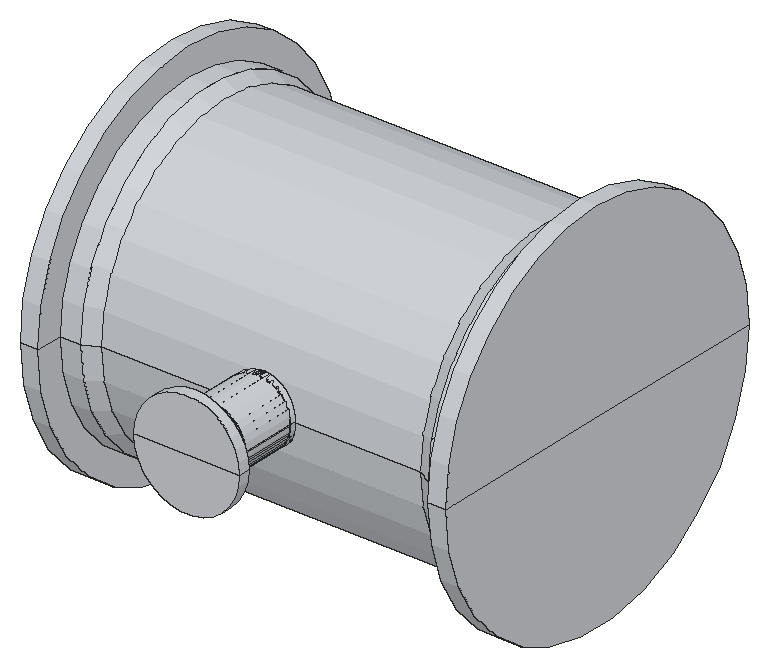
Revit family "4be1dd9a654249799981cef4a75cee6f", category Pipe Fittings, Revit 2021
Family settings
  Round Connector Dimension = Use Radius
  Part Type = Tee
  OmniClass Number = 23.60.30.11.14
  OmniClass Title = Pipework Fittings
  Seek Item ID = Tee - PVC - Sch 40-0000-USA-ENU
  Work Plane-Based = No
  Always vertical = Yes
  Cut with Voids When Loaded = No
  Shared = No
Parameters (values of type "Standard")
  Visibility 1 [instance] = Angle = 90.00°  # yes
  Tick Size 2 [instance] = Fitting Outside Diameter 2 * 0.4  # 2.7760"
  Tick Size 1 [instance] = Fitting Outside Diameter 1 * 0.4  # 12.8000"
  Socket Outside Radius 2 [instance] = Socket Outside Diameter 2 / 2  # 3.8050"
  Socket Outside Radius 1 [instance] = Socket Outside Diameter 1 / 2  # 16.7500"
  Socket Outside Diameter 1 [instance] = size_lookup(Lookup Table Name, "SOD", 1.08 * Nominal Diameter 1 + 1.1300", Nominal Diameter 1)  # 33.5000"
  Socket Outside Diameter 2 [instance] = size_lookup(Lookup Table Name, "SOD", 1.08 * Nominal Diameter 2 + 1.1300", Nominal Diameter 2)  # 7.6100"
  Socket Depth 2 [instance] = if(Nominal Diameter 2 < 14.0000", 2.5000", if(Nominal Diameter 2 < 30.0000", 3.5000", 4.0000"))  # 2.5000"
  Socket Depth 1 [instance] = if(Nominal Diameter 1 < 14.0000", 2.5000", if(Nominal Diameter 1 < 30.0000", 3.5000", 4.0000"))  # 4.0000"
  Nominal Radius 2 [instance] = 3.0000"
  Nominal Diameter 2 [instance] = Nominal Radius 2 * 2  # 6.0000"
  Lookup Table Name = "Tee Reducing - MJ - DI - Class 250"
  Length 1 [instance] = Socket Depth 2 + Bevel Length 2  # 3.1700"
  Fitting Outside Radius 2 [instance] = Fitting Outside Diameter 2 / 2  # 3.4700"
  Fitting Outside Radius 1 [instance] = Fitting Outside Diameter 1 / 2  # 16.0000"
  Fitting Outside Diameter 2 [instance] = size_lookup(Lookup Table Name, "FOD", 1.04 * Nominal Diameter 2 + 0.7000", Nominal Diameter 2)  # 6.9400"
  Fitting Outside Diameter 1 [instance] = size_lookup(Lookup Table Name, "FOD", 1.04 * Nominal Diameter 1 + 0.7000", Nominal Diameter 1)  # 32.0000"
  Nominal Radius 1 [instance] = 15.0000"
  Nominal Diameter 1 [instance] = Nominal Radius 1 * 2  # 30.0000"
  Loss Method = K Coefficient from Table
  K Coefficient Table = "Tee"
  Default Elevation = 0.0000"
  Bevel Length 2 [instance] = size_lookup(Lookup Table Name, "BvLgt", 0.04 * Nominal Diameter 2 + 0.4300", Nominal Diameter 2)  # 0.6700"
  Bevel Length 1 [instance] = size_lookup(Lookup Table Name, "BvLgt", 0.04 * Nominal Diameter 1 + 0.4300", Nominal Diameter 1)  # 1.5000"
  Center to Socket Bottom 2 [instance] = size_lookup(Lookup Table Name, "CtSB2", 4.9600" + 0.58 * Nominal Diameter 1 + 0.05 * Nominal Diameter 2, Nominal Diameter 1, Nominal Diameter 2)  # 23.0000"
  Center to Socket Bottom 1 [instance] = size_lookup(Lookup Table Name, "CtSB1", 4.6500" + 0.32 * Nominal Diameter 1 + 0.32 * Nominal Diameter 2, Nominal Diameter 1, Nominal Diameter 2)  # 18.0000"
  Center to End 2 [instance] = Center to Socket Bottom 2 + Socket Depth 2  # 25.5000"
  Center to End 2 Label [instance] = if((Center to End 2 - Gland Width 2) * tan(Angle 1 / 2) > Gland Outside Radius 1, Center to End 2, Gland Outside Radius 1 / tan(Angle 1 / 2) + Gland Width 2)  # 25.5000"
  Center to End 1 Label [instance] = if((Center to End 2 - Gland Width 2) * tan(Angle 1 / 2) > Gland Outside Radius 1, Center to End 1, Gland Outside Radius 1 / tan(Angle 1 / 2) + Gland Width 2)  # 22.0000"
  Center to End 1 [instance] = Center to Socket Bottom 1 + Socket Depth 1  # 22.0000"
  Center Radius Label [instance] = if(Center to Socket Bottom 2 - Center Radius - Bevel Length 2 < 0.5000", Center to Socket Bottom 2 - Bevel Length 2 - 0.5000", Center Radius)  # 16.5000"
  Center Radius [instance] = size_lookup(Lookup Table Name, "CRad", 4.4800" + 0.3 * Nominal Diameter 1 + 0.33 * Nominal Diameter 2, Nominal Diameter 1, Nominal Diameter 2)  # 16.5000"
  Gland Width 2 [instance] = size_lookup(Lookup Table Name, "GWid", 0.03 * Nominal Diameter 2 + 0.9400", Nominal Diameter 2)  # 1.1200"
  Gland Width 1 [instance] = size_lookup(Lookup Table Name, "GWid", 0.03 * Nominal Diameter 1 + 0.9400", Nominal Diameter 1)  # 1.8100"
  Gland Outside Radius 2 [instance] = Gland Outside Diameter 2 / 2  # 5.4950"
  Gland Outside Radius 1 [instance] = Gland Outside Diameter 1 / 2  # 19.5600"
  Gland Outside Diameter 2 [instance] = size_lookup(Lookup Table Name, "GOD", 1.16 * Nominal Diameter 2 + 4.0300", Nominal Diameter 2)  # 10.9900"
  Gland Outside Diameter 1 [instance] = size_lookup(Lookup Table Name, "GOD", 1.16 * Nominal Diameter 1 + 4.0300", Nominal Diameter 1)  # 39.1200"
  Angle 1 [instance] = if(Angle > 90.00°, 180.00° - Angle, Angle)  # 90.00°
  Angle [instance] = 90.00°
Reference planes (in)
  plane 1 "Center (Front/Back)": y = 0
  plane 2: z = 0
  plane 3 "Center (Left/Right)": x = 0
  plane 4: y = -23
  plane 5: y = 19.56
  plane 6: y = 16.75
  plane 7: y = 16
  plane 8: x = -22
  plane 9: x = -20.19
  plane 10: x = -16.5
  plane 11: x = -18
  plane 12: x = 22
  plane 13: x = 20.19
  plane 14: x = 16.5
  plane 15: x = 18
  plane 16: y = -22.33
  plane 17: y = -16.5
  plane 18: x = -16.5
  plane 19: x = 16.5
  plane 20: z = 3.47
  plane 21: z = -3.47
  plane 22: y = 12.8
  plane 23: y = -12.8
Forms (in)
  Revolve 1, solid, detail levels fine
    sketch origin (0, 0, 0) x (1, 0, 0) y (0, 1, 0)
      loop
        line (-22, 0) -> (22, 0) -> (22, 19.56) -> (20.19, 19.56) -> (20.19, 16.75) -> (18, 16.75) -> (16.5, 16) -> (-16.5, 16) -> (-18, 16.75) -> (-20.19, 16.75) -> (-20.19, 19.56) -> (-22, 19.56) -> (-22, 0)
      axis (-22, 0) -> (22, 0)
    angle from 0 to 360
  Sweep 2, solid, visible <- "Visibility 1", detail levels fine
    path origin (0, 0, 0) x (1, 0, 0) y (0, 1, 0)
      loop
        arc (-16.5, 0) -> (-4.83274, -4.83274) -> (0, -16.5) r 16.5
        line (0, -16.5) -> (0, -22.33)
    profile origin (0, -16.5, 0) x (1, 0, 0) y (0, 0, 1)
      loop
        circle (0, 0) r 3.47
  Sweep 3, solid, visible <- "Visibility 1", detail levels fine
    path origin (0, 0, 0) x (-1, 0, 0) y (0, 1, 0)
      loop
        arc (-16.5, 0) -> (-4.83274, -4.83274) -> (0, -16.5) r 16.5
        line (0, -16.5) -> (0, -22.33)
    profile origin (0, -16.5, 0) x (1, 0, 0) y (0, 0, 1)
      loop
        circle (0, 0) r 3.47
  Extrusion 4, solid, visible <- "Visibility 1", detail levels fine
    sketch origin (0, 0, 0) x (1, 0, 0) y (0, 1, 0)
      loop
        arc (-16.5, 0) -> (-4.83274, -4.83274) -> (0, -16.5) r 16.5
        arc (0, -16.5) -> (4.83274, -4.83274) -> (16.5, 0) r 16.5
        line (16.5, 0) -> (-16.5, 0)
    from -3.47 to 3.47
  Revolve 5, solid, detail levels fine
    sketch origin (0, 0, 0) x (0, -1, 0) y (1, 0, 0)
      loop
        line (0, -3.47) -> (22.33, -3.47) -> (23, -3.805) -> (24.38, -3.805) -> (24.38, -5.495) -> (25.5, -5.495) -> (25.5, 0) -> (0, 0) -> (0, -3.47)
      axis (0, 0) -> (25.5, 0)
    angle from 0 to 360
Lines and regions (in)
  model lines, detail levels coarse+medium
    curve 1: line (-22, 12.8, 0) -> (-22, -12.8, 0)
    curve 2: line (22, 12.8, 0) -> (22, -12.8, 0)
    curve 5: line (-2.776, -25.5, 0) -> (2.776, -25.5, 0)
  model lines, style "PipeFitting", detail levels coarse+medium
    curve 3: line (-22, 0, 0) -> (22, 0, 0)
    curve 6: line (0, 0, 0) -> (0, -25.5, 0)
  reference lines, not visible
    curve 4: line (0, 0, 0) -> (0, -25.5, 0)
Dimensions and locks (in)
  "Center to Socket Bottom 2": plane 4 to plane 1 "Center (Front/Back)"
  "Fitting Outside Radius 1": plane 7 to plane 1 "Center (Front/Back)"
  "Socket Outside Radius 1": plane 6 to plane 1 "Center (Front/Back)"
  "Gland Outside Radius 1": plane 5 to plane 1 "Center (Front/Back)"
  "Gland Width 1": plane 8 to plane 9
  "Socket Depth 1": plane 8 to plane 11
  "Bevel Length 1": plane 11 to plane 10
  "Gland Width 1": plane 12 to plane 13
  "Socket Depth 1": plane 12 to plane 15
  "Bevel Length 1": plane 14 to plane 15
  "Bevel Length 2": plane 16 to plane 4
  "Center Radius Label": plane 1 "Center (Front/Back)" to plane 17
  "Center Radius Label": plane 18 to plane 3 "Center (Left/Right)"
  "Center Radius Label": plane 3 "Center (Left/Right)" to plane 19
  "Fitting Outside Radius 2": plane 20 to plane 2
  "Fitting Outside Radius 2": plane 21 to level
  "Tick Size 1": plane 1 "Center (Front/Back)" to plane 23
  "Tick Size 1": plane 22 to plane 1 "Center (Front/Back)"
  "Center to End 2 Label": curve 4 to curve 4
  "Center to End 2 Label": Revolve 5 sketch curve to Revolve 5 sketch curve
  "Gland Width 2": Revolve 5 sketch curve to Revolve 5 sketch curve
  "Socket Depth 2": Revolve 5 sketch curve to Revolve 5 sketch curve
  "Gland Outside Radius 2": Revolve 5 sketch curve to Revolve 5 sketch curve
  "Socket Outside Radius 2": Revolve 5 sketch curve to Revolve 5 sketch curve
  "Fitting Outside Radius 2": Revolve 5 sketch curve to Revolve 5 sketch curve
  "Length 1": Revolve 5 sketch curve to Revolve 5 sketch curve
  "Center to End 1 Label": plane 8 to plane 3 "Center (Left/Right)"
  "Center to End 1 Label": plane 3 "Center (Left/Right)" to plane 12
  "Tick Size 2": curve 5 to curve 4
  "Tick Size 2": curve 4 to curve 5
  "Center to End 2 Label": curve 6 to curve 6
  "Center Radius Label": radius of Sweep 2 sketch curve
  "Fitting Outside Radius 2": radius of Sweep 2 sketch curve
  "Center Radius Label": radius of Sweep 3 sketch curve
  "Fitting Outside Radius 2": radius of Sweep 3 sketch curve
  "Center Radius Label": radius of Extrusion 4 sketch curve  (x2)
  "Angle": angle curve 4 to plane 1 "Center (Front/Back)"
  "Angle": angle Revolve 5 sketch curve to plane 1 "Center (Front/Back)"
  locked: curve 4 to curve 5 (angle 90.00°)
  "Angle": angle curve 6 to plane 1 "Center (Front/Back)"
  aligned and locked: plane 1 "Center (Front/Back)" to Revolve 1 sketch curve
  aligned and locked: plane 8 to Revolve 1 sketch curve
  aligned and locked: Revolve 1 sketch curve to plane 5
  aligned and locked: plane 5 to Revolve 1 sketch curve
  aligned and locked: Revolve 1 sketch curve to plane 7
  aligned and locked: Revolve 1 sketch curve to plane 6  (x2)
  aligned and locked: plane 13 to Revolve 1 sketch curve
  aligned and locked: Revolve 1 sketch curve to plane 12
  aligned and locked: Revolve 1 sketch curve to plane 9
  aligned and locked: Revolve 1 sketch curve to Revolve 1 sketch curve
  aligned and locked: plane 11 to Revolve 1 sketch curve
  aligned and locked: plane 10 to Revolve 1 sketch curve
  aligned and locked: Revolve 1 sketch curve to plane 14
  aligned and locked: Revolve 1 sketch curve to plane 15
  aligned and locked: plane 17 to Sweep 2 sketch curve
  aligned and locked: plane 18 to Sweep 2 sketch curve
  aligned and locked: plane 19 to Sweep 3 sketch curve
  aligned and locked: plane 17 to Sweep 3 sketch curve
  aligned and locked: plane 18 to Extrusion 4 sketch curve  (x2)
  aligned and locked: plane 17 to Extrusion 4 sketch curve  (x3)
  aligned and locked: plane 19 to Extrusion 4 sketch curve  (x3)
  aligned and locked: plane 1 "Center (Front/Back)" to Extrusion 4 sketch curve  (x2)
  aligned and locked: plane 21 to Extrusion 4
  aligned and locked: plane 20 to Extrusion 4
  aligned and locked: plane 23 to curve 2
  aligned and locked: plane 22 to curve 2
  aligned and locked: curve 2 to plane 12
  aligned and locked: plane 23 to curve 1
  aligned and locked: plane 22 to curve 1
  aligned and locked: curve 1 to plane 8
  aligned and locked: plane 1 "Center (Front/Back)" to curve 3
  aligned and locked: plane 8 to curve 3
  aligned and locked: plane 12 to curve 3
  aligned and locked: plane 3 "Center (Left/Right)" to curve 4
  aligned and locked: plane 1 "Center (Front/Back)" to curve 4
  aligned and locked: plane 3 "Center (Left/Right)" to Revolve 5 sketch curve
  aligned and locked: plane 1 "Center (Front/Back)" to Revolve 5 sketch curve
  aligned and locked: Revolve 5 sketch curve to Revolve 5 sketch curve  (x3)
  aligned and locked: curve 5 to curve 4
  aligned and locked: plane 3 "Center (Left/Right)" to curve 6
  aligned and locked: plane 16 to Sweep 3 sketch curve
  aligned and locked: plane 16 to Sweep 2 sketch curve
Automatic sketch dimensions
  Revolve 1 sketch curve to plane 8 = 1.01143"
  Revolve 1 sketch curve to plane 12 = 1.76143"
  Sweep 2 sketch curve to level = 0.0000"
  profile plane to Sweep 2 sketch curve = 0.0000"
  Sweep 3 sketch curve to level = 0.0000"
  profile plane to Sweep 3 sketch curve = 0.0000"
  Extrusion 4 sketch curve to plane 18 = 0.0000"
Connectors (in)
  piping at (-22, 0, 0), diameter 30, driven by "Nominal Radius 1"
    settings: on Revolve 1, index 1, connector inside diameter 30.0000", connector length 0.0000", flow factor 0, pipe flow 0 GPM, pressure drop 0.00 psi, fitting loss kfactor 0, connector angle 0.00°, fixture units 0, engagement length 0.0000", angle of deflection 0.00°, flow configuration 0, flow direction 0, fitting loss method 0, system type 28, joint type 0, gender type 0, connector reference index 2, connector utility 0, adjustable connector no, is connector primary yes, connector description ""
  piping at (22, 0, 0), diameter 30, driven by "Nominal Radius 1"
    settings: on Revolve 1, index 2, connector inside diameter 30.0000", connector length 0.0000", flow factor 0, pipe flow 0 GPM, pressure drop 0.00 psi, fitting loss kfactor 0, connector angle 0.00°, fixture units 0, engagement length 0.0000", angle of deflection 0.00°, flow configuration 0, flow direction 0, fitting loss method 0, system type 28, joint type 0, gender type 0, connector reference index 1, connector utility 0, adjustable connector no, is connector primary no, connector description ""
  piping at (0, -25.5, 0), diameter 6, driven by "Nominal Radius 2", driven by "Angle"
    settings: on Revolve 5, index 3, connector inside diameter 6.0000", connector length 0.0000", flow factor 0, pipe flow 0 GPM, pressure drop 0.00 psi, fitting loss kfactor 0, connector angle 90.00°, fixture units 0, engagement length 0.0000", angle of deflection 0.00°, flow configuration 0, flow direction 0, fitting loss method 0, system type 28, joint type 0, gender type 0, connector reference index -1, connector utility 0, adjustable connector no, is connector primary no, connector description ""
